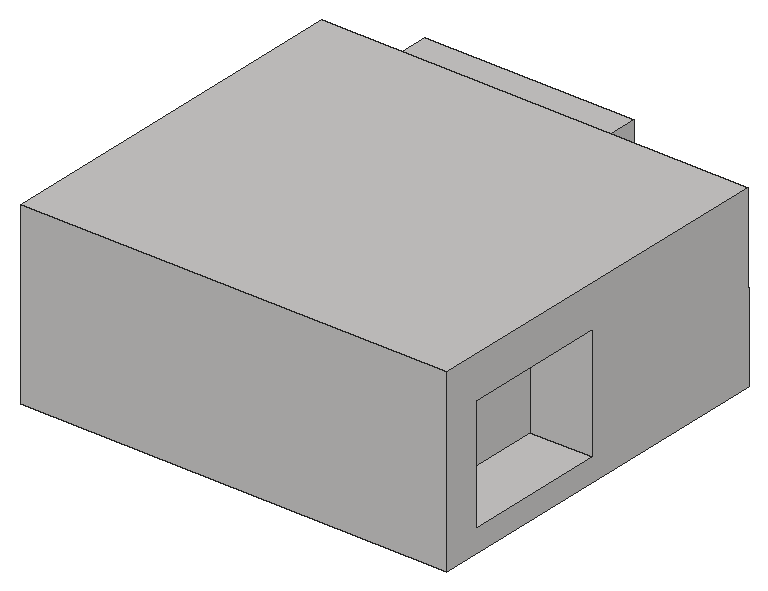
Revit family
Parameters
  Width = 3' - 0 1/8"
  Voltage = 277 V
  Unit Weight = "145.0 lbs"
  UltraLoc Liner = Choose Liner Option = 3  # no
  URL = "http://www.titus-hvac.com/"
  UL = "181"
  Supply Air Flow [instance] = 0 CFM
  SteriLoc Liner = Choose Liner Option = 2  # no
  Primary Air Pressure Drop [instance] = 0.00 in-wg
  Primary Air Flow [instance] = 0 CFM
  Plenum Air Pressure Drop [instance] = 0.00 in-wg
  Plenum Air Flow [instance] = 0 CFM
  Outlet Width = 1' - 2"
  Outlet Vertical Offset = 0' - 1 1/8"
  Outlet Horizontal Offset = 0' - 1 3/8"
  Outlet Height = 0' - 11"
  Number of Poles = 1
  Nominal Width = Width + 0' 6 1/4"  # 3' - 6 3/8"
  Nominal Length = Length + 0' 3 3/8"  # 3' - 8 1/4"
  Nominal Inlet Size = 0' - 10"
  Nominal Height = 1' - 5 1/8"
  NFPA = "90A"
  Motor Full Load Amps = 1.3 A
  Model = "DTQS"
  Min. Air Flow = 0 CFM
  Max. Air Flow = 0 CFM
  Material = Galvanized Steel
  Manufacturer = "Titus"
  Length = 3' - 4 7/8"
  Juction Box Offset = 0' - 4 7/8"
  Inlet Diameter = Nominal Inlet Size - 0' 0 1/8"  # 0' - 9 7/8"
  Induced Air Inlet Offset = 0' - 4 1/2"
  Induced Air Inlet Width = 1' - 1 1/4"
  Induced Air Inlet Height = 1' - 2 1/2"
  Induced Air Filter = no
  Heating Total Capacity [instance] = 0 Btu/h
  Half Outlet Connection Width = Outlet Width / 2  # 0' - 7"
  Half Outlet Connection Height = Outlet Height / 2  # 0' - 5 1/2"
  Half Height Start = -(Nominal Height / 2)  # -0' - 8 9/16"
  Half Height End = Nominal Height / 2  # 0' - 8 9/16"
  HP-Motor = "1/6"
  Frequency = 60 Hz
  Filter Size = "19\"x17\""
  Fiber Free Liner = Choose Liner Option = 1  # no
  Fan Disconnect Switch = no
  Duct Radius = Nominal Inlet Size / 2  # 0' - 5"
  Description = "Series Fan Powered Terminal Unit, Direct Digital Control, Pressure Independent"
  Connection Void Radius = Connection Radius - 0' 0 1/4"  # 0' - 4 11/16"
  Connection Radius = Inlet Diameter / 2  # 0' - 4 15/16"
  Choose Liner Option = 0
  CADworks URL = "www.CADworks.net"
  Assembly Code = "D3040100"
  Apparent Power = Voltage * Motor Full Load Amps  # 360.1 VA
  Air Inlet Offset = 0' - 7"
  1/2" Fiberglass Liner = Choose Liner Option = 0  # yes
Reference planes (in)
  plane 1 "Center (Front/Back)": y = 0
  plane 2: z = 0
  plane 3 "Center (Left/Right)": x = 3
  plane 4: x = -17.4375
  plane 5: x = 23.4375
  plane 6: x = -12.5625
  plane 7: x = -20.8125
  plane 8 "Center (Elevation)": z = 0
  plane 9: y = -18.0625
  plane 10: y = 18.0625
  plane 11: y = 11.0625
  plane 12: y = -13.5625
  plane 13: x = -11.4375
  plane 14: x = 17.4375
  plane 15: y = 24.3125
  plane 16: z = 8.5625
  plane 17: z = -8.5625
Forms (in)
  Extrusion 1, solid, material "Galvanized Steel" <- "Material"
    sketch origin (61, -3.76302, 78.80279) x (1, 0, 0) y (0, 1, 0)
      loop
        line (-78.4375, 21.82552) -> (-78.4375, -14.29948) -> (-37.5625, -14.29948) -> (-37.5625, 21.82552) -> (-78.4375, 21.82552)
    from -87.36529 <- "Half Height Start" to -70.24029 <- "Half Height End"
  Extrusion 2, solid, material "Galvanized Steel" <- "Material"
    sketch origin (6.0625, 0, 42) x (1, 0, 0) y (0, 1, 0)
      loop
        line (-18.625, 18.0625) -> (1.375, 18.0625) -> (1.375, 24.3125) -> (-18.625, 24.3125) -> (-18.625, 18.0625)
    from -48 to -36
  Extrusion 3, void
    sketch origin (23.4375, 18.0625, 76.42779) x (0, 1, 0) y (0, 0, -1)
      loop
        line (-18.625, 71.86529) -> (-18.625, 82.86529) -> (-32.625, 82.86529) -> (-32.625, 71.86529) -> (-18.625, 71.86529)
    from 0 to 6
  Extrusion 4, solid, material "Galvanized Steel" <- "Material"
    sketch origin (-24.875, -0.4375, 0) x (0, 0, -1) y (0, 1, 0)
      loop
        circle (0, 11.5) r 4.9375
    from 4.0625 to 7.4375
  Extrusion 5, void
    sketch origin (-24.875, 0, 0) x (0, 1, 0) y (0, 0, 1)
      loop
        circle (11.0625, 0) r 4.6875
    from 4.0625 to 13.4375
  Extrusion 6, void
    sketch origin (-17.4375, -18.0625, 78.67779) x (0, -1, 0) y (0, 0, -1)
      loop
        line (-17.75, 71.49029) -> (-4.5, 71.49029) -> (-4.5, 85.99029) -> (-17.75, 85.99029) -> (-17.75, 71.49029)
    from 0 to 6
Cuts and joins
  Extrusion 3, Extrusion 5, Extrusion 6 cuts Extrusion 1
  Extrusion 5 cuts Extrusion 4
Dimensions and locks (in)
  "Length": plane 5 to plane 4
  equal spacing: plane 5, plane 3 "Center (Left/Right)", plane 4
  locked: Extrusion 2 to plane 6 at 0
  locked: Extrusion 2 to Extrusion 2 at 20
  "Juction Box Offset": plane 6 to plane 4
  "Outlet Height": Extrusion 3 sketch curve to Extrusion 3 sketch curve
  "Outlet Width": Extrusion 3 sketch curve to Extrusion 3 sketch curve
  locked: plane 4 to plane 7 at 3.375
  "Width": plane 9 to plane 10
  equal spacing: plane 9, plane 1 "Center (Front/Back)", plane 10
  locked: Extrusion 4 sketch curve to level at 0
  locked: Extrusion 4 sketch curve to plane 11 at 0
  locked: Extrusion 5 sketch curve to level at 0
  locked: Extrusion 5 sketch curve to plane 11 at 0
  locked: Extrusion 2 to Extrusion 2 at 6.25
  "Air Inlet Offset": plane 10 to plane 11
  locked: Extrusion 2 to plane 10 at 0
  locked: cut or joined group of Extrusion 4, Extrusion 5 to plane 7 at 0
  locked: cut or joined group of Extrusion 4, Extrusion 5 to cut or joined group of Extrusion 4, Extrusion 5 at 3.375
  "Induced Air Inlet Offset": plane 9 to plane 12
  "Induced Air Inlet Width": Extrusion 6 sketch curve to Extrusion 6 sketch curve
  "Induced Air Inlet Height": Extrusion 6 sketch curve to Extrusion 6 sketch curve
  "Induced Air Inlet Offset": Extrusion 6 sketch curve to plane 9
  locked: plane 9 to Extrusion 3 sketch curve at 3.5
  cut or joined group of Extrusion 1, Extrusion 3, Extrusion 5, Extrusion 6 to Extrusion 6 sketch curve = 0' - 1 3/8"
  cut or joined group of Extrusion 1, Extrusion 3, Extrusion 5, Extrusion 6 to Extrusion 3 sketch curve = 0' - 2 1/8"
  locked: Extrusion 2 to Extrusion 2 at 12
  equal spacing: Extrusion 2, level, Extrusion 2
  locked: cut or joined group of Extrusion 1, Extrusion 3, Extrusion 5, Extrusion 6 to cut or joined group of Extrusion 1, Extrusion 3, Extrusion 5, Extrusion 6 at 17.125
  equal spacing: cut or joined group of Extrusion 1, Extrusion 3, Extrusion 5, Extrusion 6, level, cut or joined group of Extrusion 1, Extrusion 3, Extrusion 5, Extrusion 6
  locked: plane 4 to plane 13 at 6
  locked: plane 14 to plane 5 at 6
  "Connection Radius": radius of Extrusion 4 sketch curve
  "Connection Void Radius": radius of Extrusion 5 sketch curve
  aligned and locked: cut or joined group of Extrusion 1, Extrusion 3, Extrusion 5, Extrusion 6 to plane 10
  aligned and locked: plane 9 to cut or joined group of Extrusion 1, Extrusion 3, Extrusion 5, Extrusion 6
  aligned and locked: plane 5 to cut or joined group of Extrusion 1, Extrusion 3, Extrusion 5, Extrusion 6
  aligned and locked: cut or joined group of Extrusion 1, Extrusion 3, Extrusion 5, Extrusion 6 to plane 4
  aligned and locked: Extrusion 3 to plane 14
  aligned and locked: plane 13 to Extrusion 6
  aligned and locked: Extrusion 6 to Extrusion 5
Automatic sketch dimensions
  plane 4 to Extrusion 1 sketch curve = 0' - 0"
  plane 5 to Extrusion 1 sketch curve = 0' - 0"
  plane 9 to Extrusion 1 sketch curve = 0' - 0"
  plane 10 to Extrusion 1 sketch curve = 0' - 0"
  Extrusion 2 sketch curve to plane 6 = 0' - 0"
  Extrusion 2 sketch curve to plane 10 = 0' - 0"
  plane 3 "Center (Left/Right)" to Extrusion 2 sketch curve = 0' - 4 7/16"
  Extrusion 2 sketch curve to plane 10 = 0' - 6 1/4"
Connectors (in)
  electrical at (-2.5625, 24.3125, 0), driven by "Apparent Power", driven by "Voltage", driven by "Number of Poles"
    settings: on Extrusion 2, index 8
  hvac at (-20.8125, 11.0625, 0), driven by "Primary Air Flow", driven by "Duct Radius", driven by "Primary Air Pressure Drop"
    settings: on cut or joined group of Extrusion 4, Extrusion 5, index 9
  hvac at (-17.4375, -6.9375, -0.0625), driven by "Induced Air Inlet Width", driven by "Induced Air Inlet Height", driven by "Plenum Air Pressure Drop", driven by "Plenum Air Flow"
    settings: on cut or joined group of Extrusion 1, Extrusion 3, Extrusion 5, Extrusion 6, index 14
  hvac at (23.4375, -7.5625, -0.9375), driven by "Supply Air Flow", driven by "Outlet Width", driven by "Outlet Height"
    settings: on cut or joined group of Extrusion 1, Extrusion 3, Extrusion 5, Extrusion 6, index 15
